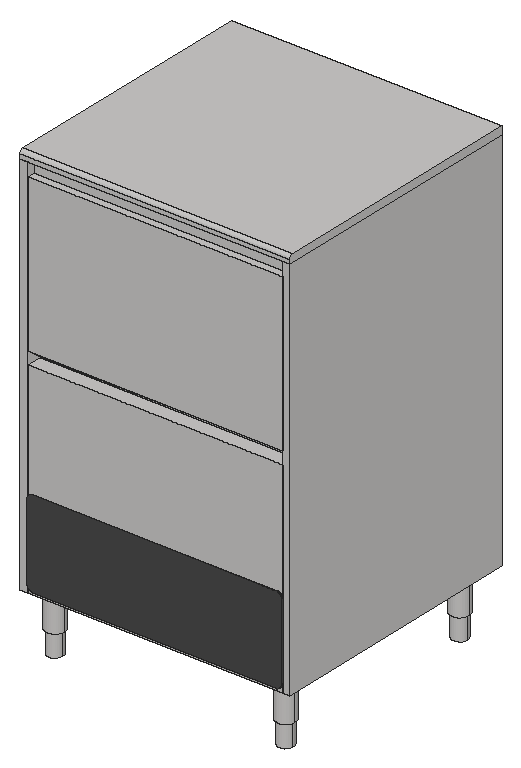
Revit family "QF_ZANUSSI_730312_ICB112I60SNP", category Attrezzature speciali, Revit 2018
Family settings
  Quota connettore circolare = Usa diametro
  Tipo di parte = Normale
  Basato su piano di lavoro = No
  Sempre verticale = Sì
  Taglio con vuoti quando caricato = No
  Condiviso = No
  Punto di calcolo locali = No
Parameters (values of type "Standard")
  Weight = 81.00 kg
  Watts = 0 W
  Volts = 220 V
  URL Manufacturer = "http://www.zanussiprofessional.com"
  URL = "http://www.zanussiprofessional.com"
  Steam Supply Size = 0 mm
  Steam Supply Minimum Pressure = 0.0 Pa
  Steam Supply Maximum Pressure = 0.0 Pa
  Steam Pounds per Hour = 0
  Show Logo [instance] = yes
  Show Clearance [instance] = yes
  Refrigeration Suction Line Size = 0 mm
  Refrigeration Liquid Line Size = 0 mm
  Refrigerant Compressor Remote = yes
  Produttore = "Zanussi"
  Phase = 1
  Modello = "ICB112I60SNP"
  Length Actual = 715 mm  # constant formula
  Item Number = "730312"
  Hot Water Size = 0 mm
  Height Actual = 1149 mm  # constant formula
  HP = "0 HP"
  Gas Size = 0 mm
  Gas KW = 0
  Gas Input Pressure = 0 W
  Descrizione = "WATER COOLED ICE CUBER 22GR 112KG/24H-BIN 60KG"
  Depth Actual = 700 mm  # constant formula
  Cycle = 50 Hz
  Condensate Return Size = 0 mm
  Compressed Air Volume = 0.0 L/s
  Compressed Air Size = 0 mm
  Compressed Air Pressure = 0.0 Pa
  Cold Water Size = 19.05 mm
  Accessory = yes
Reference planes
  plane 1 "Center X": y = 272.851
  plane 2: z = 0
  plane 3 "Center Y": x = -501.5
  plane 4 "LEFT": x = -859
  plane 5 "RIGHT": x = -144
  plane 6 "FRONT": y = -77.649
  plane 7 "BACK": y = 623.351
  plane 8: z = 154
  plane 9: z = 1198
  plane 10: z = 1178
  plane 11: x = -839
  plane 12: x = -164
  plane 13: y = -37.649
Forms (mm)
  Extrusion 1, solid, material "QF_Finishes_Black"
    sketch origin (-217.296, -77.649, 371.513) x (-1, 0, 0) y (0, 0, -1)
      loop
        arc (606.704, -20.487) -> (617.311, -16.093) -> (621.704, -5.487) r 15
        line (621.704, -5.487) -> (621.704, 195.469)
        arc (621.704, 195.469) -> (617.311, 206.075) -> (606.704, 210.469) r 15
        line (606.704, 210.469) -> (-38.296, 210.469)
        arc (-38.296, 210.469) -> (-48.903, 206.075) -> (-53.296, 195.469) r 15
        line (-53.296, 195.469) -> (-53.296, -5.487)
        arc (-53.296, -5.487) -> (-48.903, -16.093) -> (-38.296, -20.487) r 15
        line (-38.296, -20.487) -> (606.704, -20.487)
    from 0 to 2
  Extrusion 2, solid, material "QF_Finishes_Stainless Steel"
    sketch origin (-501.5, 0, 0) x (0, 1, 0) y (0, 0, 1)
      loop
        line (623.351, 1178) -> (623.351, 1198) -> (-67.649, 1198)
        arc (-67.649, 1198) -> (-74.72, 1195.071) -> (-77.649, 1188) r 10
        line (-77.649, 1188) -> (-77.649, 1178) -> (623.351, 1178)
    from -357.5 to 357.5
  Extrusion 3, solid, material "QF_Finishes_Stainless Steel"
    sketch origin (-446.7, 623.351, -284.545) x (1, 0, 0) y (0, 0, -1)
      loop
        circle (233.2, -654.545) r 10
    from 0 to 10
  Extrusion 4, solid, material "QF_Finishes_Stainless Steel"
    sketch origin (0, 0, 0) x (1, 0, 0) y (0, 1, 0)
      loop
        line (-859, 623.351) -> (-859, -77.649) -> (-839, -77.649) -> (-839, 623.351) -> (-859, 623.351)
    from 154 to 1178
  Extrusion 5, solid, material "QF_Finishes_Stainless Steel"
    sketch origin (0, 0, 0) x (1, 0, 0) y (0, 1, 0)
      loop
        line (-164, 623.351) -> (-164, -77.649) -> (-144, -77.649) -> (-144, 623.351) -> (-164, 623.351)
    from 154 to 1178
  Extrusion 6, solid, material "QF_Finishes_Stainless Steel"
    sketch origin (0, 0, 0) x (1, 0, 0) y (0, 1, 0)
      loop
        line (-839, 623.351) -> (-839, -37.649) -> (-164, -37.649) -> (-164, 623.351) -> (-839, 623.351)
    from 154 to 1178
  Extrusion 7, solid, material "QF_Finishes_Stainless Steel"
    sketch origin (0, 0, 0) x (1, 0, 0) y (0, 1, 0)
      loop
        line (-839, -77.649) -> (-164, -77.649) -> (-164, -37.649) -> (-839, -37.649) -> (-839, -77.649)
    from 154 to 695.994
  Extrusion 8, solid, material "QF_Finishes_Stainless Steel"
    sketch origin (-501.5, 0, 0) x (0, 1, 0) y (0, 0, 1)
      loop
        line (-37.649, 1178) -> (-57.649, 1178) -> (-57.649, 1142) -> (-77.649, 1142) -> (-77.649, 728.768) -> (-57.649, 728.768) -> (-57.649, 713.768) -> (-37.649, 713.768) -> (-37.649, 1178)
    from -337.5 to 337.5
  Extrusion 9, solid, material "QF_Finishes_Stainless Steel"
    sketch origin (-428.2, 623.351, -395.545) x (1, 0, 0) y (0, 0, -1)
      loop
        circle (233.2, -654.545) r 10
    from 0 to 10
  Extrusion 10, solid, material "QF_Finishes_Stainless Steel"
    sketch origin (-487.7, 623.351, -316.545) x (1, 0, 0) y (0, 0, -1)
      loop
        circle (233.2, -654.545) r 10
    from 0 to 10
Lines and regions (mm)
  Split face 1
    outline origin (-501.5, -57.649, 1178) x (0, 0, -1) y (1, 0, 0)
      loop
        line (5.715, 214.928) -> (30.715, 214.928) -> (30.715, 254.928) -> (5.715, 254.928) -> (5.715, 214.928)
  symbolic lines
    curve 1: line (-859, 623.351, 0) -> (-144, 623.351, 0)
    curve 2: line (-859, -77.649, 0) -> (-859, 623.351, 0)
    curve 3: line (-144, -77.649, 0) -> (-859, -77.649, 0)
    curve 4: line (-144, 623.351, 0) -> (-144, -77.649, 0)
Dimensions and locks
  equal spacing: plane 4 "LEFT", plane 3 "Center Y", plane 5 "RIGHT"
  plane 4 "LEFT" to plane 5 "RIGHT" = 715 mm
  equal spacing: plane 7 "BACK", plane 1 "Center X", plane 6 "FRONT"
  plane 7 "BACK" to plane 6 "FRONT" = 701 mm
  plane 8 to plane 2 = 154 mm
  plane 9 to plane 8 = 1044 mm
  locked: plane 4 "LEFT" to plane 11 at 20
  locked: plane 12 to plane 5 "RIGHT" at 20
  locked: plane 9 to plane 10 at 20
  locked: plane 13 to plane 6 "FRONT" at 40
  aligned and locked: level to plane 2
  aligned and locked: plane 5 "RIGHT" to Extrusion 2
  aligned and locked: Extrusion 2 to plane 4 "LEFT"
  aligned and locked: Extrusion 4 sketch curve to Extrusion 2  (x2)
  aligned and locked: plane 6 "FRONT" to Extrusion 4 sketch curve
  aligned and locked: Extrusion 4 sketch curve to plane 11
  aligned and locked: Extrusion 5 sketch curve to plane 7 "BACK"
  aligned and locked: plane 12 to Extrusion 5 sketch curve
  aligned and locked: Extrusion 5 sketch curve to Extrusion 2  (x2)
  aligned and locked: plane 10 to Extrusion 4
  aligned and locked: plane 10 to Extrusion 5
  aligned and locked: Extrusion 4 to plane 8
  aligned and locked: Extrusion 5 to plane 8
  aligned and locked: Extrusion 6 sketch curve to Extrusion 4
  aligned and locked: Extrusion 4 to Extrusion 6 sketch curve
  aligned and locked: plane 13 to Extrusion 6 sketch curve
  aligned and locked: Extrusion 6 sketch curve to plane 12
  aligned and locked: plane 10 to Extrusion 6
  aligned and locked: Extrusion 6 to plane 8
  aligned and locked: Extrusion 4 to Extrusion 7 sketch curve
  aligned and locked: Extrusion 7 sketch curve to Extrusion 4
  aligned and locked: plane 13 to Extrusion 7 sketch curve
  aligned and locked: plane 12 to Extrusion 7 sketch curve
  aligned and locked: Extrusion 7 to plane 8
  aligned and locked: plane 12 to Extrusion 8
  aligned and locked: Extrusion 8 to plane 11
Automatic sketch dimensions
  curve 3 to plane 4 "LEFT" = 0 mm
  curve 3 to plane 5 "RIGHT" = 0 mm
  curve 3 to plane 6 "FRONT" = 0 mm
  curve 2 to plane 7 "BACK" = 0 mm
  Extrusion 1 sketch curve to plane 12 = 0 mm
  plane 8 to Extrusion 1 sketch curve = 7.044 mm
  Extrusion 1 sketch curve to Extrusion 1 sketch curve = 15 mm  (x3)
  plane 11 to Extrusion 1 sketch curve = 15 mm  (x2)
  Extrusion 1 sketch curve to Extrusion 1 sketch curve = 200.956 mm
  Extrusion 2 sketch curve to plane 6 "FRONT" = 0 mm
  Extrusion 2 sketch curve to plane 9 = 0 mm
  Extrusion 2 sketch curve to plane 7 "BACK" = 0 mm
  Extrusion 2 sketch curve to plane 10 = 0 mm
  plane 6 "FRONT" to Extrusion 2 sketch curve = 10 mm
  Extrusion 6 to Extrusion 3 sketch curve = 216 mm
  Extrusion 3 sketch curve to Extrusion 6 = 49.5 mm
  Extrusion 8 sketch curve to plane 6 "FRONT" = 0 mm
  Extrusion 8 sketch curve to plane 10 = 0 mm
  Extrusion 8 sketch curve to plane 13 = 0 mm
  plane 6 "FRONT" to Extrusion 8 sketch curve = 20 mm  (x2)
  Extrusion 8 sketch curve to plane 10 = 36 mm
  Extrusion 8 sketch curve to Extrusion 8 sketch curve = 413.232 mm
  Extrusion 8 sketch curve to Extrusion 8 sketch curve = 15 mm
  Split face 1 sketch curve to Extrusion 8 = 5.715 mm
  Extrusion 8 to Split face 1 sketch curve = 5.285 mm
  Split face 1 sketch curve to Extrusion 8 = 122.572 mm
  Split face 1 sketch curve to Split face 1 sketch curve = 40 mm
  Extrusion 9 sketch curve to Extrusion 6 = 31 mm
  Extrusion 6 to Extrusion 9 sketch curve = 105 mm
  Extrusion 10 sketch curve to Extrusion 6 = 90.5 mm
  Extrusion 6 to Extrusion 10 sketch curve = 184 mm
  radius of Extrusion 3 sketch curve = 10 mm
  radius of Extrusion 9 sketch curve = 10 mm
  radius of Extrusion 10 sketch curve = 10 mm
Nested families
  nested 1: "Foot_Complete" at (-807, -26.649, 0), type "Foot_Complete"
  nested 2: "Foot_Complete" at (-196, -26.649, 0) x (-1, 0, 0) z (0, 0, 1), type "Foot_Complete"
  nested 3: "Foot_Complete" at (-807, 550.351, 0), type "Foot_Complete"
  nested 4: "Foot_Complete" at (-196, 550.351, 0) x (-1, 0, 0) z (0, 0, 1), type "Foot_Complete"
Connectors
  electrical at (-195, 633.351, 259), driven by "Volts"
    settings: on Extrusion 9, index 1, voltage 220 V, apparent load 0 VA, apparent load phase1 0 VA, apparent load phase2 0 VA, apparent load phase3 0 VA, power factor 1, load classification "Altro", number of poles 1, system type 30, power factor state 1, is connector primary yes, connector utility no, sub classification motor no, connector description "Electrical Connection"
  piping at (-213.5, 633.351, 370), diameter 20
    settings: on Extrusion 3, index 2, connector inside diameter 609.6 mm, connector length 0 mm, flow factor 0, pipe flow 0.0 L/s, pressure drop 0.0 Pa, fitting loss kfactor 0, connector angle 0.00°, fixture units 0, engagement length 0 mm, angle of deflection 0.00°, flow configuration 0, flow direction 0, fitting loss method 0, system type 20, joint type 0, gender type 0, connector reference index -1, connector utility 0, adjustable connector no, is connector primary yes, connector description "Cold water"
  piping at (-254.5, 633.351, 338), diameter 20
    settings: on Extrusion 10, index 3, connector inside diameter 609.6 mm, connector length 0 mm, flow factor 0, pipe flow 0.0 L/s, pressure drop 0.0 Pa, fitting loss kfactor 0, connector angle 0.00°, fixture units 0, engagement length 0 mm, angle of deflection 0.00°, flow configuration 0, flow direction 0, fitting loss method 0, system type 16, joint type 0, gender type 0, connector reference index -1, connector utility 0, adjustable connector no, is connector primary no, connector description "Drain"
Definition of nested family "Foot_Complete"
  Parameters (values of type "Foot_Complete")
    R = 25 mm
    H = 153 mm
  Reference planes
    plane 1 "Centro (Fronte/Retro)": y = 0
    plane 2: z = 0
    plane 3 "Centro (Sinistra/Destra)": x = 0
    plane 4: z = 153
  Forms (mm)
    Revolve 1, solid
      sketch origin (255.05, 0, 608.09) x (0, 0, 1) y (-1, 0, 0)
        loop
          line (-608.09, 255.05) -> (-608.09, 235.05) -> (-548.09, 235.05) -> (-548.09, 230.05) -> (-455.09, 230.05) -> (-455.09, 255.05) -> (-608.09, 255.05)
        axis (-608.09, 255.05) -> (-455.09, 255.05)
      angle from 0 to 360
  Dimensions and locks
    level to Revolve 1 sketch curve = 60 mm
    "R": Revolve 1 sketch curve to plane 3 "Centro (Sinistra/Destra)"
    "H": plane 4 to level
    aligned and locked: level to plane 2
    aligned and locked: plane 4 to Revolve 1 sketch curve
    aligned and locked: Revolve 1 sketch curve to level
    aligned and locked: plane 3 "Centro (Sinistra/Destra)" to Revolve 1 sketch curve
  Automatic sketch dimensions
    Revolve 1 sketch curve to plane 3 "Centro (Sinistra/Destra)" = 0 mm
    plane 3 "Centro (Sinistra/Destra)" to Revolve 1 sketch curve = 20 mm
    Revolve 1 sketch curve to Revolve 1 sketch curve = 50 mm
    Revolve 1 sketch curve to Revolve 1 sketch curve = 20 mm
